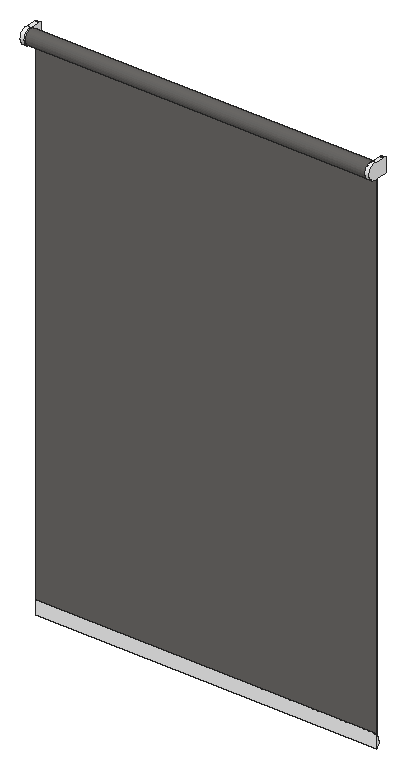
Revit family "Shades-Hunter_Douglas-RB500-Single_Standard_Duty-Auto-38_46_55_Bracket", category Specialty Equipment, Revit 2026
Family settings
  Round Connector Dimension = Use Diameter
  Part Type = Normal
  Classification Number = 23.30.60.14
  Work Plane-Based = No
  Enable Cutting in Views = No
  Always vertical = Yes
  Cut with Voids When Loaded = No
  Maintain Annotation Orientation = No
  Shared = No
  Room Calculation Point = No
Parameters (values of type "46 Side Mounted")
  URL = "https://www.hunterdouglasarchitectural.com/"
  Type Comments = if(CD_Side Mount, "Side Mounted", "Top Mounted")  # "Side Mounted"
  Default Elevation = 0' - 0"
  CD_Top Mount 55 = and(CD_Top Mount, CD_55)  # no
  CD_Top Mount 46 = and(CD_Top Mount, CD_46)  # no
  CD_Top Mount 38 = and(CD_Top Mount, CD_38)  # no
  Model = if(CD_55, "Standard Duty Automated 55 Bracket", if(CD_46, "Standard Duty Automated 46 Bracket", "Standard Duty Automated 55 Bracket"))  # "Standard Duty Automated 46 Bracket"
  Manufacturer = "Hunter Douglas Architectural"  # constant formula
  Description = "Standard Duty Automatic Roller Shade"  # constant formula
  CD_Top Mount = no
  CD_Side Mount 55 = and(CD_Side Mount, CD_55)  # no
  CD_Side Mount 46 = and(CD_Side Mount, CD_46)  # yes
  CD_Side Mount 38 = and(CD_Side Mount, CD_38)  # no
  CD_Side Mount = not(CD_Top Mount)  # yes
  CD_Width [instance] = 4' - 0"
  CD_Warranty = "https://assets.hunterdouglasarchitectural.com/documents/RB500/Lifetime_Guarantee_HDA.pdf?_rand=1465740819000"
  CD_Screen Offset From Face = if(and(CD_55, CD_Top Mount), 0' 0 69/128", if(and(CD_55, CD_Side Mount), 0' 1 35/256" + 0' 0 17/256", if(and(CD_46, CD_Top Mount), 0' 0 69/128", if(and(CD_46, CD_Side Mount), 0' 0 195/256", if(and(CD_38, CD_Top Mount), 0' 0 17/64", 0' 0 69/128")))))  # 0' - 0 195/256"
  CD_Roller Center Line Offset = if(and(CD_55, CD_Top Mount), 0' 1 5/8" - 0' 0 7/256", if(and(CD_55, CD_Side Mount), 0' 1 21/64" - 0' 0 77/256" - 0' 0 3/32", if(and(CD_46, CD_Top Mount), 0' 1 21/64" - 0' 0 21/256" - 0' 0 3/128", if(and(CD_46, CD_Side Mount), 0' 1 21/64" - 0' 0 83/256", if(and(CD_38, CD_Top Mount), 0' 1 21/64" - 0' 0 7/256", 0' 1 21/64" - 0' 0 77/256")))))  # 0' - 1 1/256"
  CD_Product Page URL = "https://www.hunterdouglasarchitectural.com/windowcoverings/rollershades/RB500/index.jsp"
  CD_Product Name = "RB 500 Roller Shade System"  # constant formula
  CD_Product Documentation Link = "https://www.hunterdouglasarchitectural.com/windowcoverings/rollershades/RB500/index.jsp#cadDrawing"
  CD_Opening Percentage [instance] = 25
  CD_Microsite = "https://microsite.caddetails.com/1669"
  CD_Install Documentation = "https://www.hunterdouglasarchitectural.com/windowcoverings/rollershades/RB500/index.jsp#installationPage"
  CD_Horizontal Roller Offset = if(and(CD_55, CD_Top Mount), 0' 1 3/128" + 0' 0 1/64" + 0' 0 11/256", if(and(CD_55, CD_Side Mount), 0' 1 221/256" + 0' 0 7/128", if(and(CD_46, CD_Top Mount), 0' 1 7/256" + 0' 0 15/256", if(and(CD_46, CD_Side Mount), 0' 1 35/64", if(and(CD_38, CD_Top Mount), 0' 1 1/128" + 0' 0 1/64", 0' 1 37/128" + 0' 0 5/256")))))  # 0' - 1 35/64"
  CD_Height Opening [instance] = ((CD_Height - CD_Bracket Height - 0' 1 101/256") * CD_Opening Percentage) / 100  # 1' - 10.95117"
  CD_Height [instance] = 8' - 0"
  CD_Finish Rail = Metal-Aluminum-Hunter_Douglas-Anodized-White
  CD_Finish Frame = Metal-Aluminum-Hunter_Douglas-Anodized-White
  CD_Finish = Fabric-Shade-Hunter_Douglas-5%-E_Screen-Charcoal_Cocoa
  CD_Fabric Sizing Disclaimer = "Designer to verify maximum fabric size with Manufacturer as the maximum fabric size is dependent on finished dimensions"  # constant formula
  CD_Bracket Height = if(CD_55, 0' 3 11/64", if(CD_46, 0' 2 205/256", 0' 2 77/128"))  # 0' - 2 205/256"
  CD_Bracket Depth = if(CD_55, 0' 3 11/64", if(CD_46, 0' 2 205/256", 0' 2 77/128"))  # 0' - 2 205/256"
  CD_46 = yes
  Assembly Code = "E2010300"
  CD_55 = no
  CD_38 = not(or(CD_55, CD_46))  # no
Types (7): name | Type Comments | CD_Top Mount 55 | CD_Top Mount 46 | CD_Top Mount 38 | Model | CD_Top Mount | CD_Side Mount 55 | CD_Side Mount 46 | CD_Side Mount 38 | CD_Side Mount | CD_Screen Offset From Face | CD_Roller Center Line Offset | CD_Horizontal Roller Offset | CD_Height Opening | CD_Bracket Height | CD_Bracket Depth | CD_46 | CD_55 | CD_38
  (no name) | "Side Mounted" | no | no | no | "Standard Duty Automated 46 Bracket" | no | no | yes | no | yes | 0' - 0 195/256" | 0' - 1 1/256" | 0' - 1 35/64" | 1' - 10.95117" | 0' - 2 205/256" | 0' - 2 205/256" | yes | no | no
  38 Side Mounted | "Side Mounted" | no | no | no | "Standard Duty Automated 55 Bracket" | no | no | no | yes | yes | 0' - 0 69/128" | 0' - 1 7/256" | 0' - 1 79/256" | 1' - 11.00098" | 0' - 2 77/128" | 0' - 2 77/128" | no | no | yes
  38 Top Mounted | "Top Mounted" | no | no | yes | "Standard Duty Automated 55 Bracket" | yes | no | no | no | no | 0' - 0 17/64" | 0' - 1 77/256" | 0' - 1 3/128" | 1' - 11.00098" | 0' - 2 77/128" | 0' - 2 77/128" | no | no | yes
  55 Side Mounted | "Side Mounted" | no | no | no | "Standard Duty Automated 55 Bracket" | no | yes | no | no | yes | 0' - 1 13/64" | 0' - 0 239/256" | 0' - 1 235/256" | 1' - 10.8584" | 0' - 3 11/64" | 0' - 3 11/64" | no | yes | no
  55 Top Mounted | "Top Mounted" | yes | no | no | "Standard Duty Automated 55 Bracket" | yes | no | no | no | no | 0' - 0 69/128" | 0' - 1 153/256" | 0' - 1 21/256" | 1' - 10.8584" | 0' - 3 11/64" | 0' - 3 11/64" | no | yes | no
  46 Top Mounted | "Top Mounted" | no | yes | no | "Standard Duty Automated 46 Bracket" | yes | no | no | no | no | 0' - 0 69/128" | 0' - 1 57/256" | 0' - 1 11/128" | 1' - 10.95117" | 0' - 2 205/256" | 0' - 2 205/256" | yes | no | no
  46 Side Mounted | "Side Mounted" | no | no | no | "Standard Duty Automated 46 Bracket" | no | no | yes | no | yes | 0' - 0 195/256" | 0' - 1 1/256" | 0' - 1 35/64" | 1' - 10.95117" | 0' - 2 205/256" | 0' - 2 205/256" | yes | no | no
Reference planes (in)
  plane 1 "Center (Front/Back)": y = -0.40921
  plane 2 "Bottom": z = 0
  plane 3 "Center (Left/Right)": x = 0
  plane 4 "Top": z = 96
  plane 5 "Left": x = -24
  plane 6 "Right": x = 24
  plane 7 "Back": y = 1.38766
  plane 8 "Front": y = -1.41312
  plane 9 "Opening": z = 22.95117
  plane 10 "Head Height": z = 93.19922
  plane 11 "Shade Left": x = -23.44922
  plane 12 "Shade Right": x = 23.44922
  plane 13 "Blind Location": y = 0.62594
  plane 14 "Top Bracket": z = 96
  plane 15 "Center (Elevation)": z = 94.74609
Forms (in)
  Extrusion 1, solid, material "Fabric-Shade-Hunter_Douglas-5%-E_Screen-Charcoal_Cocoa" <- "CD_Finish"
    sketch origin (0, 5.20776, -0.44956) x (0, 1, 0) y (0, 0, 1)
      loop
        line (-4.55894, 94.22559) -> (-4.55894, 95.17397)
        arc (-4.55894, 95.17397) -> (-6.55043, 95.26099) -> (-4.59931, 94.85264) r 1
        line (-4.59931, 94.85264) -> (-4.59931, 94.22559) -> (-4.55894, 94.22559)
    from -23.44922 to 23.44922
  Extrusion 2, solid, material "Metal-Aluminum-Hunter_Douglas-Anodized-White" <- "CD_Finish Rail", detail levels fine
    sketch origin (0, -1.20495, -20.35107) x (0, 1, 0) y (0, 0, 1)
      loop
        line (2.02458, 44.38647) -> (1.85412, 45.11837) -> (1.80767, 45.11837) -> (1.80767, 43.30224) -> (1.89266, 43.30224) -> (2.07542, 43.87396)
        arc (2.07542, 43.87396) -> (2.07205, 44.1324) -> (2.02458, 44.38647) r 1.50771
    from -23.44922 to 23.44922
  Extrusion 3, solid, material "Fabric-Shade-Hunter_Douglas-5%-E_Screen-Charcoal_Cocoa" <- "CD_Finish"
    sketch origin (0, 0, 0) x (0, 1, 0) y (0, 0, 1)
      loop
        line (0.64882, 22.95117) -> (0.64882, 94.09244) -> (0.60845, 94.09244) -> (0.60845, 22.95117) -> (0.64882, 22.95117)
    from -23.44922 to 23.44922
  Extrusion 4, solid, material "Metal-Aluminum-Hunter_Douglas-Anodized-White" <- "CD_Finish Frame", visible <- "CD_Side Mount 38", detail levels medium+fine
    sketch origin (0, -1.29798, 0.8478) x (0, 1, 0) y (0, 0, 1)
      loop
        line (2.62345, 92.84483) -> (2.68872, 92.84483) -> (2.68872, 94.84483) -> (2.62345, 94.84483) -> (2.62345, 94.76058) -> (2.43755, 94.76058) -> (2.43755, 94.84483) -> (1.37238, 94.84483)
        arc (1.37238, 94.84483) -> (0.11252, 93.83233) -> (1.39207, 92.84483) r 1.02869
        line (1.39207, 92.84483) -> (2.43755, 92.84483) -> (2.43755, 92.92965) -> (2.62345, 92.92965) -> (2.62345, 92.84483)
    from -24 to -23.44922
  Extrusion 5, solid, material "Metal-Aluminum-Hunter_Douglas-Anodized-White" <- "CD_Finish Frame", visible <- "CD_Side Mount 55", detail levels medium+fine
    sketch origin (0, -1.89844, 1.65256) x (0, 1, 0) y (0, 0, 1)
      loop
        line (3.22082, 92.04007) -> (3.2861, 92.04007) -> (3.2861, 94.04007) -> (3.22082, 94.04007) -> (3.22082, 93.95582) -> (3.03492, 93.95582) -> (3.03492, 94.04007) -> (1.37022, 94.04007)
        arc (1.37022, 94.04007) -> (0.11037, 93.02758) -> (1.38991, 92.04007) r 1.02869
        line (1.38991, 92.04007) -> (3.03492, 92.04007) -> (3.03492, 92.12489) -> (3.22082, 92.12489) -> (3.22082, 92.04007)
    from 23.44922 to 24
  Extrusion 6, solid, material "Metal-Aluminum-Hunter_Douglas-Anodized-White" <- "CD_Finish Frame", visible <- "CD_Side Mount 38", detail levels medium+fine
    sketch origin (0, -1.29798, 0.8478) x (0, 1, 0) y (0, 0, 1)
      loop
        line (2.62345, 92.84483) -> (2.68872, 92.84483) -> (2.68872, 94.84483) -> (2.62345, 94.84483) -> (2.62345, 94.76058) -> (2.43755, 94.76058) -> (2.43755, 94.84483) -> (1.37238, 94.84483)
        arc (1.37238, 94.84483) -> (0.11252, 93.83233) -> (1.39207, 92.84483) r 1.02869
        line (1.39207, 92.84483) -> (2.43755, 92.84483) -> (2.43755, 92.92965) -> (2.62345, 92.92965) -> (2.62345, 92.84483)
    from 23.44922 to 24
  Extrusion 7, solid, material "Metal-Aluminum-Hunter_Douglas-Anodized-White" <- "CD_Finish Frame", visible <- "CD_Side Mount 55", detail levels medium+fine
    sketch origin (0, -1.89844, 1.65256) x (0, 1, 0) y (0, 0, 1)
      loop
        line (3.22082, 92.04007) -> (3.2861, 92.04007) -> (3.2861, 94.04007) -> (3.22082, 94.04007) -> (3.22082, 93.95582) -> (3.03492, 93.95582) -> (3.03492, 94.04007) -> (1.37022, 94.04007)
        arc (1.37022, 94.04007) -> (0.11037, 93.02758) -> (1.38991, 92.04007) r 1.02869
        line (1.38991, 92.04007) -> (3.03492, 92.04007) -> (3.03492, 92.12489) -> (3.22082, 92.12489) -> (3.22082, 92.04007)
    from -24 to -23.44922
  Extrusion 8, solid, material "Metal-Aluminum-Hunter_Douglas-Anodized-White" <- "CD_Finish Frame", visible <- "CD_Side Mount 46", detail levels medium+fine
    sketch origin (0, -1.10185, 0.8478) x (0, 1, 0) y (0, 0, 1)
      loop
        line (2.42423, 92.84483) -> (2.48951, 92.84483) -> (2.48951, 94.84483) -> (2.42423, 94.84483) -> (2.42423, 94.76058) -> (2.23833, 94.76058) -> (2.23833, 94.84483) -> (0.94863, 94.84483)
        arc (0.94863, 94.84483) -> (-0.31123, 93.83233) -> (0.96832, 92.84483) r 1.02869
        line (0.96832, 92.84483) -> (2.23833, 92.84483) -> (2.23833, 92.92965) -> (2.42423, 92.92965) -> (2.42423, 92.84483)
    from -24 to -23.44922
  Extrusion 9, solid, material "Metal-Aluminum-Hunter_Douglas-Anodized-White" <- "CD_Finish Frame", visible <- "CD_Side Mount 46", detail levels medium+fine
    sketch origin (0, -1.10185, 0.8478) x (0, 1, 0) y (0, 0, 1)
      loop
        line (2.42423, 92.84483) -> (2.48951, 92.84483) -> (2.48951, 94.84483) -> (2.42423, 94.84483) -> (2.42423, 94.76058) -> (2.23833, 94.76058) -> (2.23833, 94.84483) -> (0.94863, 94.84483)
        arc (0.94863, 94.84483) -> (-0.31123, 93.83233) -> (0.96832, 92.84483) r 1.02869
        line (0.96832, 92.84483) -> (2.23833, 92.84483) -> (2.23833, 92.92965) -> (2.42423, 92.92965) -> (2.42423, 92.84483)
    from 23.44922 to 24
  Extrusion 10, solid, material "Metal-Aluminum-Hunter_Douglas-Anodized-White" <- "CD_Finish Frame", visible <- "CD_Top Mount 55", detail levels medium+fine
    sketch origin (0, 35.92362, 35.9919) x (0, 0, 1) y (0, -1, 0)
      loop
        line (59.89477, 35.08511) -> (60.0081, 35.08511) -> (60.0081, 37.08511) -> (59.89477, 37.08511) -> (59.89477, 37.00086) -> (59.70886, 37.00086) -> (59.70886, 37.08511) -> (58.08314, 37.08511)
        arc (58.08314, 37.08511) -> (56.83107, 36.06341) -> (58.11735, 35.08511) r 1.02869
        line (58.11735, 35.08511) -> (59.70886, 35.08511) -> (59.70886, 35.16993) -> (59.89477, 35.16993) -> (59.89477, 35.08511)
    from 23.44922 to 24
  Extrusion 11, solid, material "Metal-Aluminum-Hunter_Douglas-Anodized-White" <- "CD_Finish Frame", visible <- "CD_Top Mount 55", detail levels medium+fine
    sketch origin (0, 35.92362, 35.9919) x (0, 0, 1) y (0, -1, 0)
      loop
        line (59.89477, 35.08511) -> (60.0081, 35.08511) -> (60.0081, 37.08511) -> (59.89477, 37.08511) -> (59.89477, 37.00086) -> (59.70886, 37.00086) -> (59.70886, 37.08511) -> (58.08314, 37.08511)
        arc (58.08314, 37.08511) -> (56.83107, 36.06341) -> (58.11735, 35.08511) r 1.02869
        line (58.11735, 35.08511) -> (59.70886, 35.08511) -> (59.70886, 35.16993) -> (59.89477, 35.16993) -> (59.89477, 35.08511)
    from -24 to -23.44922
  Extrusion 12, solid, material "Metal-Aluminum-Hunter_Douglas-Anodized-White" <- "CD_Finish Frame", visible <- "CD_Top Mount 46", detail levels medium+fine
    sketch origin (0, 36.35651, 36.8365) x (0, 0, 1) y (0, -1, 0)
      loop
        line (59.05016, 35.518) -> (59.16345, 35.518) -> (59.16345, 37.518) -> (59.05016, 37.518) -> (59.05016, 37.43452) -> (58.86426, 37.43452) -> (58.86426, 37.51877) -> (57.62258, 37.51877)
        arc (57.62258, 37.51877) -> (56.36272, 36.50628) -> (57.64226, 35.51877) r 1.02869
        line (57.64226, 35.51877) -> (58.86426, 35.51877) -> (58.86426, 35.60359) -> (59.05016, 35.60359) -> (59.05016, 35.518)
    from -24 to -23.44922
  Extrusion 13, solid, material "Metal-Aluminum-Hunter_Douglas-Anodized-White" <- "CD_Finish Frame", visible <- "CD_Top Mount 46", detail levels medium+fine
    sketch origin (0, 36.35651, 36.8365) x (0, 0, 1) y (0, -1, 0)
      loop
        line (59.05016, 35.518) -> (59.16345, 35.518) -> (59.16345, 37.51877) -> (59.05016, 37.51877) -> (59.05016, 37.43452) -> (58.86426, 37.43452) -> (58.86426, 37.51877) -> (57.62258, 37.51877)
        arc (57.62258, 37.51877) -> (56.36272, 36.50628) -> (57.64226, 35.51877) r 1.02869
        line (57.64226, 35.51877) -> (58.86426, 35.51877) -> (58.86426, 35.60359) -> (59.05016, 35.60359) -> (59.05016, 35.518)
    from 23.44922 to 24
  Extrusion 14, solid, material "Metal-Aluminum-Hunter_Douglas-Anodized-White" <- "CD_Finish Frame", visible <- "CD_Top Mount 38", detail levels medium+fine
    sketch origin (0, 36.43341, 36.78852) x (0, 0, 1) y (0, -1, 0)
      loop
        line (59.09818, 35.51877) -> (59.21148, 35.51877) -> (59.21148, 37.51877) -> (59.09818, 37.51877) -> (59.09818, 37.43452) -> (58.91227, 37.43452) -> (58.91227, 37.51877) -> (57.84711, 37.51877)
        arc (57.84711, 37.51877) -> (56.58725, 36.50628) -> (57.86679, 35.51877) r 1.02869
        line (57.86679, 35.51877) -> (58.91227, 35.51877) -> (58.91227, 35.60359) -> (59.09818, 35.60359) -> (59.09818, 35.51877)
    from -24 to -23.44922
  Extrusion 15, solid, material "Metal-Aluminum-Hunter_Douglas-Anodized-White" <- "CD_Finish Frame", visible <- "CD_Top Mount 38", detail levels medium+fine
    sketch origin (0, 36.43341, 36.78852) x (0, 0, 1) y (0, -1, 0)
      loop
        line (59.09818, 35.51877) -> (59.21148, 35.51877) -> (59.21148, 37.51877) -> (59.09818, 37.51877) -> (59.09818, 37.43452) -> (58.91227, 37.43452) -> (58.91227, 37.51877) -> (57.84711, 37.51877)
        arc (57.84711, 37.51877) -> (56.58725, 36.50628) -> (57.86679, 35.51877) r 1.02869
        line (57.86679, 35.51877) -> (58.91227, 35.51877) -> (58.91227, 35.60359) -> (59.09818, 35.60359) -> (59.09818, 35.51877)
    from 23.44922 to 24
  Extrusion 16, solid, material "Metal-Aluminum-Hunter_Douglas-Anodized-White" <- "CD_Finish Frame", detail levels coarse
    sketch origin (0, 0, 0) x (0, 1, 0) y (0, 0, 1)
      loop
        line (1.38766, 96) -> (-1.41312, 96) -> (-1.41312, 93.19922) -> (1.38766, 93.19922) -> (1.38766, 96)
    from 23.44922 to 24
  Extrusion 17, solid, material "Metal-Aluminum-Hunter_Douglas-Anodized-White" <- "CD_Finish Frame", detail levels coarse
    sketch origin (0, 0, 0) x (0, 1, 0) y (0, 0, 1)
      loop
        line (1.38766, 96) -> (-1.41312, 96) -> (-1.41312, 93.19922) -> (1.38766, 93.19922) -> (1.38766, 96)
    from -24 to -23.44922
Lines and regions (in)
  Masking region 1
    outline origin (0, 0, 0) x (0, 1, 0) y (0, 0, 1)
      loop
        line (0.81963, 24.0354) -> (0.64917, 24.7673) -> (0.60272, 24.7673) -> (0.60272, 22.95117) -> (0.68771, 22.95117) -> (0.87195, 23.5229)
        arc (0.87195, 23.5229) -> (0.86593, 23.78121) -> (0.81963, 24.0354) r 1.64923
Dimensions and locks (in)
  "CD_Height": plane 4 "Top" to plane 2 "Bottom"
  equal spacing: plane 5 "Left", plane 3 "Center (Left/Right)", plane 6 "Right"
  "CD_Width": plane 5 "Left" to plane 6 "Right"
  plane 1 "Center (Front/Back)" to plane 7 "Back" = 0' - 1 51/64"
  "CD_Bracket Depth": plane 8 "Front" to plane 7 "Back"
  locked: Extrusion 3 sketch curve to plane 10 "Head Height" at 0.89322
  Extrusion 3 sketch curve to plane 13 "Blind Location" to Extrusion 3 sketch curve = 0' - 0.02288" locked, 0' - 0.01749" locked
  locked: plane 5 "Left" to plane 11 "Shade Left" at 0.55078
  locked: plane 12 "Shade Right" to plane 6 "Right" at 0.55078
  "CD_Height Opening": plane 9 "Opening" to level
  "CD_Bracket Height": plane 4 "Top" to plane 10 "Head Height"
  "CD_Screen Offset From Face": plane 13 "Blind Location" to plane 7 "Back"
  Extrusion 2 sketch curve to plane 9 "Opening" to Extrusion 2 sketch curve to Extrusion 2 sketch curve to Extrusion 2 sketch curve = 0' - 0" locked, 0' - 0.57173" locked, 0' - 0.51251" locked, 0' - 0.7319" locked
  Extrusion 2 sketch curve to Extrusion 2 sketch curve to Extrusion 2 sketch curve to plane 13 "Blind Location" to Extrusion 3 = 0' - 0.18675" locked, 0' - 0.03854" locked, 0' - 0.02323" locked, 0' - 0.01749" locked
  plane 4 "Top" to plane 14 "Top Bracket" = 0' - 0"
  plane 14 "Top Bracket" to Extrusion 7 sketch curve to Extrusion 7 sketch curve to Extrusion 7 sketch curve to Extrusion 7 sketch curve to Extrusion 7 sketch curve to Extrusion 7 sketch curve to Extrusion 7 sketch curve = 0' - 0.28105" locked, 0' - 0.02632" locked, 0' - 0" locked, 0' - 0.08425" locked, 0' - 1.83093" locked, 0' - 0.08482" locked, 0' - 0" locked
  plane 7 "Back" to Extrusion 7 sketch curve to Extrusion 7 sketch curve to Extrusion 7 sketch curve to Extrusion 7 sketch curve to Extrusion 7 sketch curve to Extrusion 7 sketch curve to Extrusion 7 sketch curve to Extrusion 7 sketch curve = 0' - 0" locked, 0' - 0.06527" locked, 0' - 0" locked, 0' - 0.1859" locked, 0' - 0" locked, 0' - 1.64501" locked, 0' - 0.01968" locked, 0' - 1.25991" locked
  plane 14 "Top Bracket" to Extrusion 5 sketch curve to Extrusion 5 sketch curve to Extrusion 5 sketch curve to Extrusion 5 sketch curve to Extrusion 5 sketch curve to Extrusion 5 sketch curve to Extrusion 5 sketch curve = 0' - 0.28105" locked, 0' - 0.02632" locked, 0' - 0" locked, 0' - 0.08425" locked, 0' - 1.83093" locked, 0' - 0.08482" locked, 0' - 0" locked
  plane 7 "Back" to Extrusion 5 sketch curve to Extrusion 5 sketch curve to Extrusion 5 sketch curve to Extrusion 5 sketch curve to Extrusion 5 sketch curve to Extrusion 5 sketch curve to Extrusion 5 sketch curve to Extrusion 5 sketch curve = 0' - 0" locked, 0' - 0.06527" locked, 0' - 0" locked, 0' - 0.1859" locked, 0' - 0" locked, 0' - 1.64501" locked, 0' - 0.01968" locked, 0' - 1.25991" locked
  Extrusion 11 sketch curve to Extrusion 11 sketch curve to Extrusion 11 sketch curve to Extrusion 11 sketch curve to Extrusion 11 sketch curve to Extrusion 11 sketch curve to Extrusion 11 sketch curve to plane 7 "Back" = 0' - 0.02458" locked, 0' - 0" locked, 0' - 0.08425" locked, 0' - 1.83093" locked, 0' - 0.08482" locked, 0' - 0" locked, 0' - 0.54915" locked
  Extrusion 11 sketch curve to plane 14 "Top Bracket" to Extrusion 11 sketch curve to Extrusion 11 sketch curve to Extrusion 11 sketch curve to Extrusion 11 sketch curve to Extrusion 11 sketch curve to Extrusion 11 sketch curve to Extrusion 11 sketch curve = 0' - 0" locked, 0' - 0.11334" locked, 0' - 0" locked, 0' - 0.1859" locked, 0' - 0" locked, 0' - 1.59152" locked, 0' - 0.0342" locked, 0' - 1.25222" locked
  Extrusion 10 sketch curve to Extrusion 10 sketch curve to Extrusion 10 sketch curve to Extrusion 10 sketch curve to Extrusion 10 sketch curve to Extrusion 10 sketch curve to Extrusion 10 sketch curve to plane 7 "Back" = 0' - 0.02458" locked, 0' - 0" locked, 0' - 0.08425" locked, 0' - 1.83093" locked, 0' - 0.08482" locked, 0' - 0" locked, 0' - 0.54915" locked
  Extrusion 10 sketch curve to plane 14 "Top Bracket" to Extrusion 10 sketch curve to Extrusion 10 sketch curve to Extrusion 10 sketch curve to Extrusion 10 sketch curve to Extrusion 10 sketch curve to Extrusion 10 sketch curve to Extrusion 10 sketch curve = 0' - 0" locked, 0' - 0.11334" locked, 0' - 0" locked, 0' - 0.1859" locked, 0' - 0" locked, 0' - 1.59152" locked, 0' - 0.0342" locked, 0' - 1.25222" locked
  Extrusion 8 sketch curve to plane 7 "Back" to Extrusion 8 sketch curve to Extrusion 8 sketch curve to Extrusion 8 sketch curve to Extrusion 8 sketch curve to Extrusion 8 sketch curve to Extrusion 8 sketch curve to Extrusion 8 sketch curve = 0' - 0" locked, 0' - 0.06527" locked, 0' - 0" locked, 0' - 0.1859" locked, 0' - 0" locked, 0' - 1.27001" locked, 0' - 0.01968" locked, 0' - 1.25991" locked
  Extrusion 8 sketch curve to Extrusion 8 sketch curve to Extrusion 8 sketch curve to Extrusion 8 sketch curve to Extrusion 8 sketch curve to Extrusion 8 sketch curve to Extrusion 8 sketch curve to plane 14 "Top Bracket" = 0' - 0" locked, 0' - 0.08482" locked, 0' - 1.83093" locked, 0' - 0.08425" locked, 0' - 0" locked, 0' - 0.02632" locked, 0' - 0.28105" locked
  Extrusion 9 sketch curve to plane 7 "Back" to Extrusion 9 sketch curve to Extrusion 9 sketch curve to Extrusion 9 sketch curve to Extrusion 9 sketch curve to Extrusion 9 sketch curve to Extrusion 9 sketch curve to Extrusion 9 sketch curve = 0' - 0" locked, 0' - 0.06527" locked, 0' - 0" locked, 0' - 0.1859" locked, 0' - 0" locked, 0' - 1.27001" locked, 0' - 0.01968" locked, 0' - 1.25991" locked
  Extrusion 9 sketch curve to Extrusion 9 sketch curve to Extrusion 9 sketch curve to Extrusion 9 sketch curve to Extrusion 9 sketch curve to Extrusion 9 sketch curve to Extrusion 9 sketch curve to plane 14 "Top Bracket" = 0' - 0" locked, 0' - 0.08482" locked, 0' - 1.83093" locked, 0' - 0.08425" locked, 0' - 0" locked, 0' - 0.02632" locked, 0' - 0.28105" locked
  plane 14 "Top Bracket" to Extrusion 12 sketch curve to Extrusion 12 sketch curve to Extrusion 12 sketch curve to Extrusion 12 sketch curve to Extrusion 12 sketch curve to Extrusion 12 sketch curve to Extrusion 12 sketch curve to Extrusion 12 sketch curve = 0' - 0.00005" locked, 0' - 0 29/256" locked, 0' - 0" locked, 0' - 0.1859" locked, 0' - 0" locked, 0' - 1.222" locked, 0' - 0.01968" locked, 0' - 1.25991" locked
  plane 7 "Back" to Extrusion 12 sketch curve to Extrusion 12 sketch curve to Extrusion 12 sketch curve to Extrusion 12 sketch curve to Extrusion 12 sketch curve to Extrusion 12 sketch curve to Extrusion 12 sketch curve = 0' - 0.54915" locked, 0' - 0.00078" locked, 0' - 0.08482" locked, 0' - 1.83093" locked, 0' - 0.08347" locked, 0' - 0.00078" locked, 0' - 0.02632" locked
  plane 14 "Top Bracket" to Extrusion 13 sketch curve to Extrusion 13 sketch curve to Extrusion 13 sketch curve to Extrusion 13 sketch curve to Extrusion 13 sketch curve to Extrusion 13 sketch curve to Extrusion 13 sketch curve to Extrusion 13 sketch curve = 0' - 0.00005" locked, 0' - 0 29/256" locked, 0' - 0" locked, 0' - 0.1859" locked, 0' - 0" locked, 0' - 1.222" locked, 0' - 0.01968" locked, 0' - 1.25991"
  plane 7 "Back" to Extrusion 13 sketch curve to Extrusion 13 sketch curve to Extrusion 13 sketch curve to Extrusion 13 sketch curve to Extrusion 13 sketch curve to Extrusion 13 sketch curve to Extrusion 13 sketch curve = 0' - 0.54915" locked, 0' - 0.00078" locked, 0' - 0.08482" locked, 0' - 1.83093" locked, 0' - 0.08425" locked, 0' - 0" locked, 0' - 0.02632" locked
  Extrusion 4 sketch curve to plane 7 "Back" to Extrusion 4 sketch curve to Extrusion 4 sketch curve to Extrusion 4 sketch curve to Extrusion 4 sketch curve to Extrusion 4 sketch curve to Extrusion 4 sketch curve = 0' - 0.00309" locked, 0' - 0.06219" locked, 0' - 0" locked, 0' - 0.1859" locked, 0' - 0" locked, 0' - 1.06516" locked, 0' - 1.25991" locked
  plane 14 "Top Bracket" to Extrusion 4 sketch curve to Extrusion 4 sketch curve to Extrusion 4 sketch curve to Extrusion 4 sketch curve to Extrusion 4 sketch curve to Extrusion 4 sketch curve to Extrusion 4 sketch curve = 0' - 0.30737" locked, 0' - 0" locked, 0' - 0.08425" locked, 0' - 1.83093" locked, 0' - 0.08482" locked, 0' - 0" locked, 0' - 0.03107" locked
  Extrusion 6 sketch curve to plane 7 "Back" to Extrusion 6 sketch curve to Extrusion 6 sketch curve to Extrusion 6 sketch curve to Extrusion 6 sketch curve to Extrusion 6 sketch curve to Extrusion 6 sketch curve = 0' - 0.00309", 0' - 0.06219", 0' - 0", 0' - 0.1859", 0' - 0", 0' - 1.06516", 0' - 1.25991"
  plane 14 "Top Bracket" to Extrusion 6 sketch curve to Extrusion 6 sketch curve to Extrusion 6 sketch curve to Extrusion 6 sketch curve to Extrusion 6 sketch curve to Extrusion 6 sketch curve to Extrusion 6 sketch curve = 0' - 0.30737" locked, 0' - 0" locked, 0' - 0.08425" locked, 0' - 1.83093" locked, 0' - 0.08482" locked, 0' - 0" locked, 0' - 0.03107" locked
  Extrusion 14 sketch curve to Extrusion 14 sketch curve to Extrusion 14 sketch curve to Extrusion 14 sketch curve to Extrusion 14 sketch curve to Extrusion 14 sketch curve to Extrusion 14 sketch curve = 0' - 0.11331", 0' - 0", 0' - 0.1859", 0' - 0", 0' - 1.06516", 0' - 1.25991"
  Extrusion 14 sketch curve to Extrusion 14 sketch curve to Extrusion 14 sketch curve to Extrusion 14 sketch curve to Extrusion 14 sketch curve to Extrusion 14 sketch curve to Extrusion 14 sketch curve = 0' - 0", 0' - 0.08425", 0' - 1.83093", 0' - 0.08482", 0' - 0", 0' - 0.03107"
  Extrusion 15 sketch curve to Extrusion 15 sketch curve to Extrusion 15 sketch curve to Extrusion 15 sketch curve to Extrusion 15 sketch curve to Extrusion 15 sketch curve to Extrusion 15 sketch curve = 0' - 0.11331", 0' - 0", 0' - 0.1859", 0' - 0", 0' - 1.06516", 0' - 1.25991"
  Extrusion 15 sketch curve to Extrusion 15 sketch curve to Extrusion 15 sketch curve to Extrusion 15 sketch curve to Extrusion 15 sketch curve to Extrusion 15 sketch curve to Extrusion 15 sketch curve = 0' - 0", 0' - 0.08425", 0' - 1.83093", 0' - 0.08482", 0' - 0", 0' - 0.03107"
  Extrusion 1 sketch curve to plane 13 "Blind Location" to Extrusion 1 sketch curve to Extrusion 1 sketch curve = 0' - 0.02288" locked, 0' - 0.01749" locked, 0' - 1.95892" locked
  plane 15 "Center (Elevation)" to Extrusion 1 sketch curve to Extrusion 1 sketch curve to Extrusion 1 sketch curve = 0' - 0.02168" locked, 0' - 0.32133" locked, 0' - 0.62705" locked
  "CD_Horizontal Roller Offset": plane 15 "Center (Elevation)" to plane 10 "Head Height"
  Masking region 1 sketch curve to plane 9 "Opening" to Masking region 1 sketch curve to Masking region 1 sketch curve to Masking region 1 sketch curve = 0' - 0" locked, 0' - 0.57173" locked, 0' - 0.51251" locked, 0' - 0.7319" locked
  Masking region 1 sketch curve to Masking region 1 sketch curve to Masking region 1 sketch curve to plane 13 "Blind Location" to Extrusion 3 = 0' - 0.18675" locked, 0' - 0.03854" locked, 0' - 0.02323" locked, 0' - 0.01749" locked
  "CD_Roller Center Line Offset": plane 8 "Front" to plane 1 "Center (Front/Back)"
  aligned and locked: plane 2 "Bottom" to level
  aligned and locked: Extrusion 3 to plane 11 "Shade Left"
  aligned and locked: plane 12 "Shade Right" to Extrusion 3
  aligned and locked: Extrusion 2 to plane 11 "Shade Left"
  aligned and locked: plane 12 "Shade Right" to Extrusion 2
  aligned and locked: Extrusion 3 to plane 9 "Opening"
  aligned and locked: plane 6 "Right" to Extrusion 5
  aligned and locked: plane 6 "Right" to Extrusion 15
  aligned and locked: plane 6 "Right" to Extrusion 9
  aligned and locked: plane 6 "Right" to Extrusion 13
  aligned and locked: plane 6 "Right" to Extrusion 10
  aligned and locked: plane 6 "Right" to Extrusion 6
  aligned and locked: Extrusion 15 to plane 12 "Shade Right"
  aligned and locked: Extrusion 5 to plane 12 "Shade Right"
  aligned and locked: Extrusion 13 to plane 12 "Shade Right"
  aligned and locked: Extrusion 10 to plane 12 "Shade Right"
  aligned and locked: Extrusion 9 to plane 12 "Shade Right"
  aligned and locked: Extrusion 6 to plane 12 "Shade Right"
  aligned and locked: plane 11 "Shade Left" to Extrusion 7
  aligned and locked: plane 11 "Shade Left" to Extrusion 14
  aligned and locked: plane 11 "Shade Left" to Extrusion 8
  aligned and locked: plane 11 "Shade Left" to Extrusion 12
  aligned and locked: plane 11 "Shade Left" to Extrusion 11
  aligned and locked: plane 11 "Shade Left" to Extrusion 4
  aligned and locked: Extrusion 7 to plane 5 "Left"
  aligned and locked: Extrusion 14 to plane 5 "Left"
  aligned and locked: Extrusion 8 to plane 5 "Left"
  aligned and locked: Extrusion 12 to plane 5 "Left"
  aligned and locked: Extrusion 11 to plane 5 "Left"
  aligned and locked: Extrusion 4 to plane 5 "Left"
  aligned and locked: plane 4 "Top" to Extrusion 16 sketch curve
  aligned and locked: plane 7 "Back" to Extrusion 16 sketch curve
  aligned and locked: Extrusion 16 sketch curve to plane 10 "Head Height"
  aligned and locked: Extrusion 16 sketch curve to plane 8 "Front"
  aligned and locked: Extrusion 17 sketch curve to Extrusion 16  (x4)
  aligned and locked: Extrusion 17 to plane 5 "Left"
  aligned and locked: plane 11 "Shade Left" to Extrusion 17
  aligned and locked: plane 6 "Right" to Extrusion 16
  aligned and locked: Extrusion 16 to plane 12 "Shade Right"
Automatic sketch dimensions
  Extrusion 14 sketch curve to plane 4 "Top" = 0' - 0"
  Extrusion 14 sketch curve to plane 8 "Front" = 0' - 2.32776"
  Extrusion 15 sketch curve to plane 4 "Top" = 0' - 0"
  Extrusion 15 sketch curve to plane 8 "Front" = 0' - 2.32776"
  Extrusion 2 sketch curve to Extrusion 2 sketch curve = 0' - 0.08499"
  plane 13 "Blind Location" to Extrusion 2 sketch curve = 0' - 1.2592"
  Extrusion 2 sketch curve to Extrusion 2 sketch curve = 0' - 0.17046"
  plane 13 "Blind Location" to Masking region 1 sketch curve = 0' - 0.02323"
  plane 1 "Center (Front/Back)" to Masking region 1 sketch curve = 0' - 0.36556"
  Masking region 1 sketch curve to Masking region 1 sketch curve = 0' - 0.17046"
  Extrusion 3 sketch curve to plane 9 "Opening" = 0' - 0"
